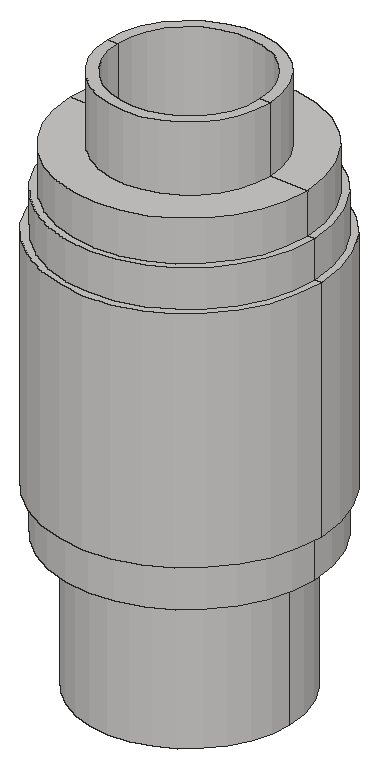
Revit family "Adjustable Adaptor-JCI_Sapphire_Plus-(70 bar)Novec1230", category Specialty Equipment, Revit 2017
Family settings
  Round Connector Dimension = Use Diameter
  Part Type = Normal
  OmniClass Number = 23.29.33.13.11
  Work Plane-Based = Yes
  Always vertical = Yes
  Cut with Voids When Loaded = No
  Shared = Yes
  Room Calculation Point = No
Parameters (values of type "50mm")
  URL = "http://www.sapphireplus.com"
  Product Page URL = "http://www.sapphireplus.com"
  Product Documentation Link = "http://www.sapphireplus.com"
  Part Number = Model  # "306700004"
  NR = 30.00 mm
  Model Disclaimer = "For More Information Contact JOHNSON CONTROLS"  # constant formula
  Model = "306700004"
  Manufacturer = "Johnson Controls, Inc."  # constant formula
  Fire Suppression Agent = "3M™ Novec™ 1230 Fire Protection Fluid"  # constant formula
  Family Version = "1.0"  # constant formula
  Equipment Number = "XXX"  # constant formula
  Equipment Abbreviation = "AA"  # constant formula
  Description = "Adjustable Height Adaptor"  # constant formula
  Default Elevation = 1219.20 mm
  Date Modified = "YYYY/MM/DD"  # constant formula
  Date Created = "2018/10/11"  # constant formula
  Copyright © = "Copyright © 2001-2018 Johnson Controls Inc."  # constant formula
  BS = 52.25 mm
  Assembly Code = "D4090300"
  Adjustment Control [instance] = if(Adjustment > 32.00 mm, 32.00 mm, (if(Adjustment < 0.00 mm, 0.00 mm, Adjustment)))  # 32.00 mm
  Adjustment [instance] = 32.00 mm
Types (2, lengths in mm): name | Part Number | NR | Model | BS
  25mm | "306700003" | 16.00 | "306700003" | 36.25
  50mm | "306700004" | 30.00 | "306700004" | 52.25
Reference planes
  plane 1 "Center (Front/Back)": y = 0
  plane 2: z = 0
  plane 3 "Center (Left/Right)": x = 0
  plane 4 "Length Bottom": z = -19
  plane 5 "Adjustment Control": z = 32
  plane 6 "Adjustment Control Ref2": z = 47.25
  plane 7 "Adjustment Control Ref4": z = 131.25
  plane 8 "Nominal Radius Ref4": x = -43.84
  plane 9 "Length Top": z = 184
  plane 10 "Nominal Radius Ref5": x = -46.34
  plane 11 "Nominal Radius Ref6": x = -48.84
  plane 12 "Nominal Radius Ref2": x = -37.34
  plane 13 "Adjustment Control Ref5": z = 145
  plane 14 "Adjustment Control Ref7": z = 160
  plane 15 "Length Ref2": z = 44
  plane 16 "Length Ref1": z = 39
  plane 17 "Adjustment Control Ref3": z = 79
  plane 18 "Nominal Radius Ref3": x = -42.76
  plane 19 "Nominal Radius 1": x = -30
  plane 20 "Length Ref3": z = 98.989
  plane 21 "Nominal Radius Reference": x = -26.25
  plane 22 "Adjustment Control Ref6": z = 152
  plane 23 "Nominal Radius Ref1": x = -32.371
  plane 24 "Nominal Radius": x = -30
  plane 25 "Adjustment Control & Lenght Ref": z = 38.349
Forms (mm)
  Revolve 1, solid, material "JCI - Metal - Stainless Steel - Satin"
    sketch origin (0, 0, 0) x (1, 0, 0) y (0, 0, 1)
      loop
        line (-30, -19) -> (-30, 98.989) -> (-32.371, 98.989) -> (-32.371, 44) -> (-42.76, 44) -> (-42.76, 39) -> (-37.34, 39) -> (-37.34, -19) -> (-30, -19)
      axis (0, 98.989) -> (0, -19)
    angle from 0 to 360
  Revolve 2, solid, material "JCI - Metal - Stainless Steel - Satin"
    sketch origin (0, 0, 0) x (1, 0, 0) y (0, 0, 1)
      loop
        line (-37.34, 32) -> (-37.34, 38.349) -> (-42.76, 38.349) -> (-42.76, 79) -> (-32.371, 79) -> (-32.371, 152) -> (-26.25, 152) -> (-26.25, 184) -> (-30, 184) -> (-30, 160) -> (-43.84, 160) -> (-43.84, 145) -> (-46.34, 145) -> (-46.34, 131.25) -> (-48.84, 131.25) -> (-48.84, 47.25) -> (-46.34, 47.25) -> (-46.34, 32) -> (-37.34, 32)
      axis (0, 184) -> (0, 32)
    angle from 0 to 360
Dimensions and locks
  "NR": plane 19 "Nominal Radius 1" to plane 3 "Center (Left/Right)"
  "NR": plane 3 "Center (Left/Right)" to plane 24 "Nominal Radius"
  locked: plane 21 "Nominal Radius Reference" to plane 24 "Nominal Radius" at 3.75
  plane 11 "Nominal Radius Ref6" to plane 10 "Nominal Radius Ref5" to plane 8 "Nominal Radius Ref4" to plane 18 "Nominal Radius Ref3" to plane 12 "Nominal Radius Ref2" to plane 19 "Nominal Radius 1" = 2.50 mm locked, 2.50 mm locked, 1.08 mm locked, 5.42 mm locked, 7.34 mm locked
  locked: plane 23 "Nominal Radius Ref1" to plane 19 "Nominal Radius 1" at 2.371
  plane 9 "Length Top" to level = 184.00 mm
  plane 20 "Length Ref3" to plane 15 "Length Ref2" to plane 16 "Length Ref1" to level to plane 4 "Length Bottom" = 54.989 mm locked, 5.00 mm locked, 39.00 mm locked, 19.00 mm locked
  plane 9 "Length Top" to plane 4 "Length Bottom" = 203.00 mm
  "Adjustment Control": plane 5 "Adjustment Control" to level
  plane 9 "Length Top" to plane 14 "Adjustment Control Ref7" to plane 22 "Adjustment Control Ref6" to plane 13 "Adjustment Control Ref5" to plane 7 "Adjustment Control Ref4" = 24.00 mm locked, 8.00 mm locked, 7.00 mm locked, 13.75 mm locked
  "BS": plane 7 "Adjustment Control Ref4" to plane 17 "Adjustment Control Ref3"
  plane 17 "Adjustment Control Ref3" to plane 6 "Adjustment Control Ref2" to plane 25 "Adjustment Control & Lenght Ref" to plane 5 "Adjustment Control" = 31.75 mm locked, 8.901 mm locked, 6.349 mm locked
  aligned and locked: level to plane 2
  aligned and locked: plane 4 "Length Bottom" to Revolve 1 sketch curve
  aligned and locked: Revolve 1 sketch curve to plane 12 "Nominal Radius Ref2"
  aligned and locked: plane 19 "Nominal Radius 1" to Revolve 1 sketch curve
  aligned and locked: Revolve 1 sketch curve to plane 15 "Length Ref2"
  aligned and locked: Revolve 1 sketch curve to plane 3 "Center (Left/Right)"
  aligned and locked: plane 5 "Adjustment Control" to Revolve 2 sketch curve
  aligned and locked: Revolve 2 sketch curve to plane 10 "Nominal Radius Ref5"  (x2)
  aligned and locked: Revolve 2 sketch curve to plane 3 "Center (Left/Right)"
  aligned and locked: Revolve 1 sketch curve to plane 20 "Length Ref3"
  aligned and locked: Revolve 1 sketch curve to plane 18 "Nominal Radius Ref3"
  aligned and locked: plane 16 "Length Ref1" to Revolve 1 sketch curve
  aligned and locked: Revolve 2 sketch curve to plane 21 "Nominal Radius Reference"
  aligned and locked: plane 22 "Adjustment Control Ref6" to Revolve 2 sketch curve
  aligned and locked: Revolve 2 sketch curve to plane 23 "Nominal Radius Ref1"
  aligned and locked: plane 24 "Nominal Radius" to Revolve 2 sketch curve
  aligned and locked: Revolve 1 sketch curve to plane 23 "Nominal Radius Ref1"
  aligned and locked: Revolve 2 sketch curve to plane 14 "Adjustment Control Ref7"
  aligned and locked: Revolve 2 sketch curve to plane 8 "Nominal Radius Ref4"
  aligned and locked: Revolve 2 sketch curve to plane 11 "Nominal Radius Ref6"
  aligned and locked: Revolve 2 sketch curve to plane 7 "Adjustment Control Ref4"
  aligned and locked: Revolve 2 sketch curve to plane 13 "Adjustment Control Ref5"
  aligned and locked: plane 6 "Adjustment Control Ref2" to Revolve 2 sketch curve
  aligned and locked: plane 12 "Nominal Radius Ref2" to Revolve 2 sketch curve
  aligned and locked: plane 18 "Nominal Radius Ref3" to Revolve 2 sketch curve
  aligned and locked: Revolve 2 sketch curve to plane 25 "Adjustment Control & Lenght Ref"
  aligned and locked: Revolve 2 sketch curve to plane 9 "Length Top"
Automatic sketch dimensions
  Revolve 1 sketch curve to plane 4 "Length Bottom" = 590.60 mm
  plane 9 "Length Top" to Revolve 1 sketch curve = 2441.058 mm
  Revolve 2 sketch curve to plane 17 "Adjustment Control Ref3" = 0.00 mm
  Revolve 2 sketch curve to plane 4 "Length Bottom" = 590.60 mm
  plane 9 "Length Top" to Revolve 2 sketch curve = 2441.058 mm
